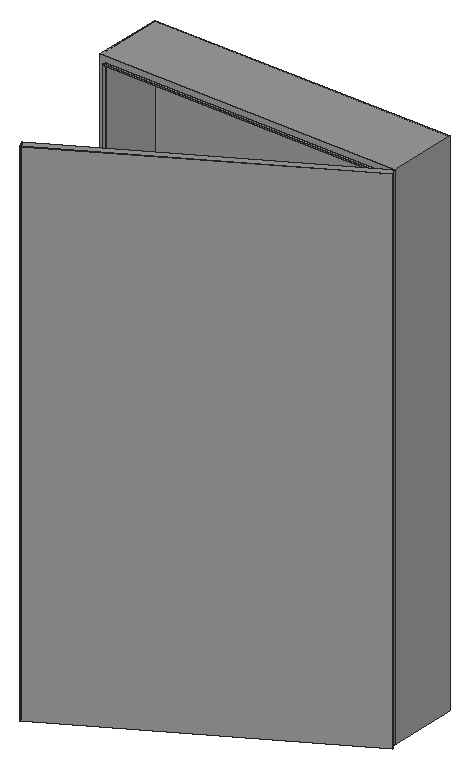
Revit family "Hager-Univers-IP44-D205-H1400-Cl.I-Encl-NoHosted-AT-de", category Equipement électrique, Revit 2020
Family settings
  Configuration du panneau = Deux colonnes, circuits au sein
  Cote de connecteur circulaire = Utiliser le diamètre
  Type d'élément = Tableau de raccordement
  Basée sur le plan de construction = Oui
  Toujours verticalement = Oui
  Couper avec des vides une fois chargée = Non
  Partagée = Non
  Point de calcul de pièce = Non
Parameters (values of type "Aufputz IP44 B800 H1400 T205  - FP93TN2")
  Width Control [instance] = if([EF000008 - Breite] > Min Width, [EF000008 - Breite], Min Width)  # 800 mm
  Commentaires du type = [HG000003 - Bereich]  # "Univers"
  Thickness Door [instance] = if([EF009171 - Materialstärke Tür/Deckel] > 3 mm, 3 mm, [EF009171 - Materialstärke Tür/Deckel])  # 1 mm
  Seal Frame Offset [instance] = 17 mm  # constant formula
  Plinth Visibility [instance] = [HG000027 - Sockelhöhe] > 0 mm  # no
  Min Width [instance] = 100 mm  # constant formula
  Min Depth [instance] = (2 * [EF009170 - Materialstärke Gehäuse]) + 1 mm  # 3 mm
  Min Height [instance] = 100 mm  # constant formula
  Internal Frame Depth [instance] = (Door System Depth * 0.5)  # 9 mm
  Panel Name [instance] = ""  # (empty or 0)
  Model = ""
  HG000027 - Sockelhöhe = 0 mm
  HG000026 - Stehend auf dem Boden = no
  HG000024 - Höhe des unteren Teils = 600 mm
  HG000023 - Gehäuse mit doppeltem Querschnitt = no
  HG000016 - 3D-Türsichtbarkeit [instance] = yes
  HG000015 - Sichtbarkeit der Türöffnung [instance] = no
  HG000014 - Tür rechts [instance] = yes
  HG000013 - Tür links [instance] = not([HG000014 - Tür rechts])  # no
  HG000012 - Türschwenkwinkel [instance] = 30.00°
  HG000010 - Asymmetrische Türen = no
  HG000009 - Doppelflügeligen Tür = no
  HG000006 - Unterputz = no
  HG000004 - Herstellerreferenz = "FP93TN2"
  HG000003 - Bereich = "Univers"
  HG000002 - Mit tür = yes
  Frame Offset Bottom [instance] = 10 mm  # constant formula
  Frame Offset [instance] = 15 mm  # constant formula
  EF015940 - Deckel mit Überdruckentlastung = no
  EF011959 - Schutzart (NEMA) = ""
  EF009554 - Anzahl der Öffnungen für Flanschplatten = 6
  EF009212 - Ausführung Deckel = "EV000116 - geschlossen"
  EF009171 - Materialstärke Tür/Deckel = 1 mm
  EF009170 - Materialstärke Gehäuse = 1 mm
  EF008873 - Nennstrom (In) = 250 A
  EF007800 - Geeignet für Blitzschutz = no
  EF006306 - Mit Schloss = no
  EF006244 - Transparenter Deckel/Tür = no
  EF005474 - Schutzart (IP) = "EV006418 - IP44"
  EF004464 - Art der Tür = "EV002646 - Einzel"
  EF004427 - Anzahl der Module = 324
  EF004293 - Schlagfestigkeit = "EV006815 - IK09"
  EF003532 - Geeignet für Außengebrauch = no
  EF002950 - Breite in Teilungseinheiten = 36
  EF001613 - Funktionserhalt = "EV000494 - ohne"
  EF001596 - Werkstoff des Gehäuses = "EV000179 - Stahl"
  EF001131 - Innentiefe = 130 mm
  EF001088 - Anbaumöglichkeit = yes
  EF000437 - Anzahl der Leitungseinführungen = 6
  EF000339 - Art der Abdeckung = "EV001012 - Deckel"
  EF000266 - Anzahl der Reihen = 9
  EF000218 - Einbautiefe = 205 mm
  EF000118 - Mit Montageplatte = no
  EF000116 - RAL-Nummer = "9010"
  EF000049 - Tiefe = 205 mm
  EF000040 - Höhe = 1400 mm
  EF000008 - Breite = 800 mm
  EF000007 - Farbe = "EV000202 - weiß"
  EF000003 - Montageart = "EV000384 - Aufputz"
  Door System Leaf Tolerance [instance] = 1.5 mm  # constant formula
  Door System Depth [instance] = 18 mm  # constant formula
  Door Height [instance] = Height Control - [HG000027 - Sockelhöhe]  # 1400 mm
  Description = ""
  Default Elevation = 1219.2 mm
  Connector Offset [instance] = Height Control / 2  # 700 mm
  Fabricant = "Hager"  # constant formula
  Height Control [instance] = if([EF000040 - Höhe] > Min Height, [EF000040 - Höhe], Min Height)  # 1400 mm
  Depth Control [instance] = if([EF000049 - Tiefe] > Min Depth, [EF000049 - Tiefe], Min Depth)  # 205 mm
  Bottom Top Plate Trim [instance] = 1.5 mm  # constant formula
  Plinth height Ctrl [instance] = if([HG000027 - Sockelhöhe] > 0 mm, [HG000027 - Sockelhöhe], 12 mm)  # 12 mm
Types (4, lengths in mm): name | Width Control | HG000010 - Asymmetrische Türen | HG000009 - Doppelflügeligen Tür | HG000004 - Herstellerreferenz | EF009554 - Anzahl der Öffnungen für Flanschplatten | EF004464 - Art der Tür | EF004427 - Anzahl der Module | EF002950 - Breite in Teilungseinheiten | EF000437 - Anzahl der Leitungseinführungen | EF000008 - Breite
  Aufputz IP44 B1050 H1400 T205  - FP94TN2 | 1050 | no | yes | "FP94TN2" | 8 | "EV003602 - Doppel" | 432 | 48 | 8 | 1050
  Aufputz IP44 B1300 H1400 T205  - FP95TN2 | 1300 | yes | yes | "FP95TN2" | 10 | "EV003602 - Doppel" | 540 | 60 | 10 | 1300
  Aufputz IP44 B550 H1400 T205  - FP92TN2 | 550 | no | no | "FP92TN2" | 4 | "EV002646 - Einzel" | 216 | 24 | 4 | 550
  Aufputz IP44 B800 H1400 T205  - FP93TN2 | 800 | no | no | "FP93TN2" | 6 | "EV002646 - Einzel" | 324 | 36 | 6 | 800
Reference planes
  plane 1 "Center (Front/Back)": y = 0
  plane 2: z = 0
  plane 3 "Center (Left/Right)": x = 0
  plane 4: y = 0
  plane 5: y = 0
  plane 6: z = 0
  plane 7: x = -400
  plane 8: x = 400
  plane 9: x = 399
  plane 10: x = -399
  plane 11: z = 0
  plane 12: z = 1
  plane 13: y = -205
  plane 14: y = -1
  plane 15: x = 0
  plane 16: y = -187
  plane 17: y = -204
  plane 18: y = -186
  plane 19: x = -384
  plane 20: x = 384
  plane 21: z = 11
  plane 22: x = -383
  plane 23: x = 383
  plane 24: z = 0
  plane 25: z = 1400
  plane 26: z = 1400
  plane 27: z = 1384
  plane 28: z = 1399
Forms (mm)
  Extrusion 1, solid, material "Hager_Steel_RAL7035_Light_Grey", detail levels medium+fine
    sketch origin (-208.679, -4572, 0) x (-1, 0, 0) y (0, -1, 0)
      loop
        line (191.321, -4385) -> (-608.679, -4385) -> (-608.679, -4572) -> (191.321, -4572) -> (191.321, -4385)
    from 0 to 1400
  Extrusion 2, void
    sketch origin (-350.771, -205, 1219.2) x (1, 0, 0) y (0, 0, 1)
      loop
        line (-48.229, 179.8) -> (-48.229, -1218.2) -> (749.771, -1218.2) -> (749.771, 179.8) -> (-48.229, 179.8)
    from -19 to -204
  Extrusion 3, void
    sketch origin (-290.084, -187, 1219.2) x (1, 0, 0) y (0, 0, 1)
      loop
        line (-93.916, -1208.2) -> (674.084, -1208.2) -> (674.084, 164.8) -> (-93.916, 164.8) -> (-93.916, -1208.2)
    from 0 to -1
  Extrusion 4, solid, material "Hager_Steel_RAL7035_Light_Grey", visible <- "Plinth Visibility", detail levels medium+fine
    sketch origin (0, 0, 0) x (1, 0, 0) y (0, 1, 0)
      loop
        line (-400, 0) -> (-400, -187) -> (400, -187) -> (400, 0) -> (-400, 0)
    from 0 to 12 <- "Plinth height Ctrl"
  Extrusion 5, solid, material "Hager_Steel_RAL7035_Light_Grey", detail levels coarse
    sketch origin (0, 0, 0) x (1, 0, 0) y (0, 1, 0)
      loop
        line (-400, 0) -> (-400, -205) -> (400, -205) -> (400, 0) -> (-400, 0)
    from 0 to 1400 <- "Height Control"
  Sweep 6, void
    path in 3D
      loop
        line (-400, -187, 12) -> (400, -187, 12) -> (400, 0, 12) -> (-400, 0, 12) -> (-400, -187, 12)
    profile origin (-400, -93.5, 12) x (1, 0, 0) y (0, 0, 1)
      loop
        line (0, 0) -> (0, -1.5) -> (1.5, -1.5)
        arc (1.5, -1.5) -> (1.061, -0.439) -> (0, 0) r 1.5
  Extrusion 7, solid, material "Hager_Steel_RAL7035_Light_Grey", detail levels fine
    sketch origin (-400, -187, 0) x (1, 0, 0) y (0, 0, 1)
      loop
        line (16, 11) -> (784, 11) -> (784, 1384) -> (16, 1384) -> (16, 11)
      loop
        line (15, 10) -> (785, 10) -> (785, 1385) -> (15, 1385) -> (15, 10)
    from 0 to 9 <- "Internal Frame Depth"
Cuts and joins
  Extrusion 2, Extrusion 3 cuts Extrusion 1
  Sweep 6 cuts Extrusion 4
Lines and regions (mm)
  Masking region 1
    outline origin (0, 0, 0) x (1, 0, 0) y (0, 1, 0)
      loop
        line (-400, 0) -> (-400, -205) -> (400, -205) -> (400, 0) -> (-400, 0)
  Masking region 2, detail levels coarse
    outline origin (-290.084, -187, 1219.2) x (-1, 0, 0) y (0, 0, 1)
      loop
        line (-690.084, -1219.2) -> (109.916, -1219.2) -> (109.916, 180.8) -> (-690.084, 180.8) -> (-690.084, -1219.2)
  Masking region 3, detail levels coarse
    outline origin (0, 0, 0) x (0, 1, 0) y (0, 0, 1)
      loop
        line (0, 0) -> (0, 1400) -> (-205, 1400) -> (-205, 0) -> (0, 0)
  Masking region 4, visible <- "Plinth Visibility", detail levels medium+fine
    outline origin (0, 0, 0) x (0, 1, 0) y (0, 0, 1)
      loop
        line (-1.5, 12) -> (-185.5, 12)
        arc (-185.5, 12) -> (-185.939, 10.939) -> (-187, 10.5) r 1.5
        line (-187, 10.5) -> (-187, 0) -> (0, 0) -> (0, 10.5)
        arc (0, 10.5) -> (-1.061, 10.939) -> (-1.5, 12) r 1.5
  Masking region 5, detail levels medium+fine
    outline origin (0, 0, 594.038) x (0, 1, 0) y (0, 0, 1)
      loop
        line (0, -594.038) -> (0, 805.962) -> (-187, 805.962) -> (-187, -594.038) -> (0, -594.038)
  Masking region 6, detail levels medium+fine
    outline origin (-359.7, -187, 1211.883) x (-1, 0, 0) y (0, 0, 1)
      loop
        line (-759.7, -1211.883) -> (40.3, -1211.883) -> (40.3, 188.117) -> (-759.7, 188.117) -> (-759.7, -1211.883)
  Masking region 7, visible <- "Plinth Visibility", detail levels medium+fine
    outline origin (-320.334, -187, 1041.368) x (-1, 0, 0) y (0, 0, 1)
      loop
        line (-720.334, -1041.368) -> (79.666, -1041.368) -> (79.666, -1030.868)
        arc (79.666, -1030.868) -> (78.606, -1030.429) -> (78.166, -1029.368) r 1.5
        line (78.166, -1029.368) -> (-718.834, -1029.368)
        arc (-718.834, -1029.368) -> (-719.273, -1030.429) -> (-720.334, -1030.868) r 1.5
        line (-720.334, -1030.868) -> (-720.334, -1041.368)
  sketch lines
    curve 1: line (-400, 0, 12) -> (-400, -187, 12)
    curve 2: line (-400, -187, 12) -> (400, -187, 12)
    curve 3: line (400, 0, 12) -> (-400, 0, 12)
    curve 4: line (400, -187, 12) -> (400, 0, 12)
Dimensions and locks
  locked: plane 1 "Center (Front/Back)" to plane 5
  "EF009170 - Materialstärke Gehäuse": plane 7 to plane 10
  "EF009170 - Materialstärke Gehäuse": plane 8 to plane 9
  equal spacing: plane 7, plane 3 "Center (Left/Right)", plane 8
  "Width Control": plane 7 to plane 8
  "Depth Control": plane 4 to plane 13
  "EF009170 - Materialstärke Gehäuse": plane 4 to plane 14
  "Height Control": plane 25 to level
  "HG000027 - Sockelhöhe": plane 11 to level
  "EF009170 - Materialstärke Gehäuse": plane 12 to plane 11
  "EF009170 - Materialstärke Gehäuse": plane 17 to plane 13
  "EF009170 - Materialstärke Gehäuse": plane 18 to plane 16
  "Frame Offset Bottom": plane 21 to plane 12
  "Frame Offset": plane 10 to plane 19
  "Frame Offset": plane 9 to plane 20
  "Door System Depth": plane 16 to plane 13
  "Seal Frame Offset": plane 7 to plane 22
  "Seal Frame Offset": plane 8 to plane 23
  "EF009170 - Materialstärke Gehäuse": plane 26 to plane 28
  "Frame Offset": plane 28 to plane 27
  "Connector Offset": plane 2 to connector elem
  "Bottom Top Plate Trim": profile plane to Sweep 6 sketch curve
  "Bottom Top Plate Trim": Sweep 6 sketch curve to Sweep 6 sketch curve
  "Plinth height Ctrl": Masking region 4 sketch curve to level
  "Plinth height Ctrl": Masking region 7 sketch curve to level
  "Thickness Door": Extrusion 7 sketch curve to Extrusion 7 sketch curve  (x4)
  "Bottom Top Plate Trim": radius of Sweep 6 sketch curve
  "Bottom Top Plate Trim": radius of Masking region 4 sketch curve  (x2)
  "Bottom Top Plate Trim": radius of Masking region 7 sketch curve  (x2)
  aligned and locked: Extrusion 2 sketch curve to plane 12
  aligned and locked: Extrusion 2 sketch curve to plane 9
  aligned and locked: Extrusion 2 sketch curve to plane 10
  aligned and locked: Extrusion 2 to plane 14
  aligned and locked: Extrusion 1 sketch curve to plane 4
  aligned and locked: plane 8 to Extrusion 1 sketch curve
  aligned and locked: plane 7 to Extrusion 1 sketch curve
  aligned and locked: Extrusion 2 to plane 18
  aligned and locked: Extrusion 3 sketch curve to plane 19
  aligned and locked: plane 20 to Extrusion 3 sketch curve
  aligned and locked: Extrusion 3 to Extrusion 2
  aligned and locked: Extrusion 3 sketch curve to plane 21
  aligned and locked: plane 3 "Center (Left/Right)" to nested 1
  aligned and locked: Extrusion 1 sketch curve to plane 16
  aligned and locked: Extrusion 4 sketch curve to cut or joined group of Extrusion 1, Extrusion 2, Extrusion 3
  aligned and locked: Masking region 1 sketch curve to plane 7
  aligned and locked: Masking region 1 sketch curve to plane 5
  aligned and locked: Masking region 1 sketch curve to plane 8
  aligned and locked: Masking region 2 sketch curve to level
  aligned and locked: level to Masking region 3 sketch curve
  aligned and locked: plane 1 "Center (Front/Back)" to Masking region 3 sketch curve
  aligned and locked: plane 13 to Masking region 3 sketch curve
  aligned and locked: plane 5 to Masking region 4 sketch curve
  aligned and locked: Masking region 2 sketch curve to plane 8
  aligned and locked: Masking region 2 sketch curve to plane 7
  aligned and locked: plane 7 to nested 2
  aligned and locked: nested 2 to plane 5
  aligned and locked: plane 5 to Masking region 5 sketch curve
  aligned and locked: plane 26 to Masking region 5 sketch curve
  aligned and locked: Extrusion 5 sketch curve to plane 8
  aligned and locked: Extrusion 5 sketch curve to plane 7
  aligned and locked: Extrusion 5 sketch curve to plane 5
  aligned and locked: Extrusion 3 sketch curve to plane 27
  aligned and locked: Extrusion 2 sketch curve to plane 28
  aligned and locked: Masking region 2 to plane 25
  aligned and locked: Extrusion 4 to plane 16
  aligned and locked: profile plane to Sweep 6 sketch curve
  aligned and locked: Masking region 5 sketch curve to plane 24
  aligned and locked: level to Masking region 4 sketch curve
  aligned and locked: Masking region 1 to plane 13
  aligned and locked: nested 1 to plane 16
  aligned and locked: Masking region 3 to plane 25
  aligned and locked: plane 16 to Masking region 4 sketch curve
  aligned and locked: Masking region 5 sketch curve to plane 16
  aligned and locked: plane 24 to plane 11
  aligned and locked: plane 26 to plane 25
  aligned and locked: plane 26 to cut or joined group of Extrusion 1, Extrusion 2, Extrusion 3
  aligned and locked: nested 1 to plane 24
  aligned and locked: Extrusion 1 to Extrusion 3
  aligned and locked: Masking region 6 sketch curve to plane 8
  aligned and locked: Masking region 6 sketch curve to plane 24
  aligned and locked: Masking region 6 sketch curve to plane 7
  aligned and locked: Masking region 6 sketch curve to plane 26
  aligned and locked: Masking region 7 sketch curve to plane 7
  aligned and locked: level to Masking region 7 sketch curve
  aligned and locked: Masking region 7 sketch curve to plane 8
  aligned and locked: Extrusion 7 sketch curve to cut or joined group of Extrusion 1, Extrusion 2, Extrusion 3  (x4)
Automatic sketch dimensions
  plane 19 to Extrusion 3 sketch curve = 0 mm
  Extrusion 3 sketch curve to plane 20 = 0 mm
  Extrusion 3 sketch curve to plane 21 = 0 mm
  Extrusion 4 sketch curve to plane 7 = 0 mm
  Extrusion 4 sketch curve to plane 8 = 0 mm
  Extrusion 4 sketch curve to plane 16 = 0 mm
  Masking region 1 sketch curve to plane 13 = 0 mm
  Masking region 2 sketch curve to plane 25 = 0 mm
  Masking region 3 sketch curve to plane 25 = 0 mm
  Extrusion 5 sketch curve to plane 13 = 0 mm
  profile plane to Sweep 6 sketch curve = 0 mm
Nested families
  nested 1: "EC000058_Univers_Door" at (0, -187, 0), Double <- "HG000009 - Doppelflügeligen Tür", Transparent <- "EF006244 - Transparenter Deckel/Tür", Angle <- "HG000012 - Türschwenkwinkel", Door_Right <- "HG000014 - Tür rechts", Assymetrical <- "HG000010 - Asymmetrische Türen", Door <- "HG000002 - Mit tür", Width_Ctrl <- "Width Control", 3d_Door <- "HG000016 - 3D-Türsichtbarkeit", Clearance <- "HG000015 - Sichtbarkeit der Türöffnung", Door_Left <- "HG000013 - Tür links", Width <- "Width Control", Door_Depth <- "Door System Depth", Leaf_Tolerance <- "Door System Leaf Tolerance", Height <- "Door Height", Lock_Visibility <- "EF006306 - Mit Schloss", Thickness <- "Thickness Door", type "EC000058_Univers_Door", detail levels medium+fine
    with min_wh 3 mm, Width_Ctrl 800 mm, Width 800 mm, Transparent no, Thickness 1 mm, Seal_Material Hager_Rubber, Lock_Visibility no, Lock_Material Hager_Plastic_RAL9005_Jet_Black, Leaf_Width 800 mm, Leaf_Tolerance_External_Sides 0 mm, Leaf_Tolerance 1.5 mm, Leaf_Offset 0 mm, Leaf_Height 1397 mm, Leaf_2_Width 800 mm, Leaf_2_Offset 400 mm, Leaf_1_Width 800 mm, Leaf_1_Offset 400 mm, Height_Ctrl 1400 mm, Height 1400 mm, Glass_Material Hager_Glass, Double_Clearance_Ctrl no, Double no, Door_Right_Ctrl yes, Door_Right yes, Door_Material Hager_Steel_RAL7035_Light_Grey, Door_Left_Ctrl no, Door_Left no, Door_Depth 18 mm, Door yes, Clearance_Material Hager_Clearance, Clearance_Depth 800 mm, Clearance_Ctrl no, Clearance no, Assymetrical no, Angle 30.00°, 3d_Door yes
  nested 2: "Hager_Enclosure_Symbol" at (-400, 0, 0), Height <- "Depth Control", Width <- "Width Control", type "Hager_Enclosure_Symbol"
    with Width_Ctrl 800 mm, Width 800 mm, Height_Ctrl 205 mm, Height 205 mm, A_Width_Int 13.453 mm, A_Width 161.438 mm, A_Height_Ctrl 179.375 mm, A_Height 179.375 mm
Connectors
  electrical at (0, 0, 700)
    settings: on plane 1 "Center (Front/Back)", index 1, voltage 0 V, apparent load 0 VA, apparent load phase1 0 VA, apparent load phase2 0 VA, apparent load phase3 0 VA, power factor 1, load classification "Other", number of poles 1, system type 30, power factor state 1, is connector primary yes, connector utility no, sub classification motor no, connector description ""
Definition of nested family "EC000058_Univers_Door"
  Parameters (values of type "EC000058_Univers_Door")
    min_wh [instance] = (2 * Thickness) + 1 mm  # 11 mm
    Width_Ctrl [instance] = 400 mm
    Width [instance] = 500 mm
    Transparent [instance] = yes
    Thickness [instance] = 5 mm
    Seal_Material [instance] = none
    Lock_Visibility [instance] = yes
    Lock_Material [instance] = none
    Leaf_Width [instance] = if((Width_Ctrl - 2 * Leaf_Tolerance_External_Sides) > 0 mm, (Width_Ctrl - 2 * Leaf_Tolerance_External_Sides), min_wh)  # 400 mm
    Leaf_Tolerance_External_Sides [instance] = 0 mm  # constant formula
    Leaf_Tolerance [instance] = 1.5 mm
    Leaf_Offset [instance] = 0 mm  # constant formula
    Leaf_Height [instance] = if((Height_Ctrl - 2 * Leaf_Tolerance) > 0 mm, (Height_Ctrl - 2 * Leaf_Tolerance), min_wh)  # 497 mm
    Leaf_2_Width [instance] = if(and(and(Double, Assymetrical), Door_Left), (Leaf_Width / 3) - (Leaf_Tolerance / 2), if(and(and(Double, Assymetrical), Door_Right), (Leaf_Width / 3) * 2 - (Leaf_Tolerance / 2), if(and(Double, not(Assymetrical)), (Leaf_Width / 2) - Leaf_Tolerance, Leaf_Width)))  # 400 mm
    Leaf_2_Offset [instance] = if(and(Double, Assymetrical), Leaf_2_Width / 2, if(and(Double, not(Assymetrical)), Leaf_Width / 4, Leaf_Width / 2))  # 200 mm
    Leaf_1_Width [instance] = if(and(and(Double, Assymetrical), Door_Right), (Leaf_Width / 3) - (Leaf_Tolerance / 2), if(and(and(Double, Assymetrical), Door_Left), (Width / 3) * 2 - (Leaf_Tolerance / 2), if(and(Double, not(Assymetrical)), (Leaf_Width / 2) - Leaf_Tolerance, Leaf_Width)))  # 400 mm
    Leaf_1_Offset [instance] = if(and(Double, Assymetrical), Leaf_1_Width / 2, if(and(Double, not(Assymetrical)), Leaf_Width / 4, Leaf_Width / 2))  # 200 mm
    Height_Ctrl [instance] = if(Height > min_wh, Height, min_wh)  # 500 mm
    Height [instance] = 500 mm
    Glass_Material [instance] = none
    Double_Clearance_Ctrl [instance] = and(Double, Clearance)  # no
    Double [instance] = no
    Door_Right_Ctrl [instance] = and(or(Door_Right, Double), Door)  # yes
    Door_Right [instance] = yes
    Door_Material [instance] = none
    Door_Left_Ctrl [instance] = and(or(Door_Left, Double), Door)  # no
    Door_Left [instance] = no
    Door_Depth [instance] = 30 mm
    Door [instance] = yes
    Default Elevation = 1219.2 mm
    Clearance_Material [instance] = none
    Clearance_Depth [instance] = if(Leaf_1_Width > Leaf_2_Width, Leaf_1_Width, Leaf_2_Width)  # 400 mm
    Clearance_Ctrl [instance] = and(not(Double), Clearance)  # yes
    Clearance [instance] = yes
    Assymetrical [instance] = yes
    Angle [instance] = 30.00°
    3d_Door [instance] = yes
  Reference planes
    plane 1 "Center (Front/Back)": y = 0
    plane 2 "Bottom": z = 0
    plane 3 "Center (Left/Right)": x = 0
    plane 4: z = 500
    plane 5: x = -200
    plane 6: x = 200
    plane 7: z = 500
    plane 8: x = -200
    plane 9: z = 0
    plane 10: x = 200
    plane 11: y = 0
    plane 12: z = 1.5
    plane 13: x = -600
    plane 14: y = -400
    plane 15: x = 600
    plane 16: x = 0
    plane 17: x = 0
    plane 18: x = -200
    plane 19: x = 200
    plane 20: z = 498.5
  Forms (mm)
    Extrusion 1, solid, material <- "Clearance_Material", visible <- "Double_Clearance_Ctrl"
      sketch origin (1200, 0, 0) x (1, 0, 0) y (0, 0, -1)
        loop
          line (-1800, -498.5) -> (-600, -498.5) -> (-600, 0) -> (-1800, 0) -> (-1800, -498.5)
      from 0 to -400
  Dimensions and locks
    equal spacing: plane 5, plane 3 "Center (Left/Right)", plane 6
    "Width_Ctrl": plane 5 to plane 6
    "Leaf_Offset": plane 5 to plane 8
    "Leaf_Offset": plane 6 to plane 10
    "Leaf_Offset": plane 9 to level
    "Leaf_Offset": plane 4 to plane 7
    "Height_Ctrl": plane 4 to level
    "Leaf_Tolerance": plane 12 to plane 9
    locked: plane 11 to plane 1 "Center (Front/Back)"
    "Leaf_1_Offset": plane 18 to plane 16
    "Leaf_2_Offset": plane 17 to plane 19
    "Leaf_1_Width": plane 13 to plane 8
    "Leaf_2_Width": plane 10 to plane 15
    "Clearance_Depth": plane 14 to plane 1 "Center (Front/Back)"
    "Leaf_Tolerance_External_Sides": plane 8 to plane 18
    "Leaf_Tolerance_External_Sides": plane 19 to plane 10
    "Leaf_Tolerance": plane 7 to plane 20
    aligned and locked: level to plane 2 "Bottom"
    aligned and locked: nested 1 to plane 16
    aligned and locked: nested 2 to plane 17
    aligned and locked: Extrusion 1 to plane 13
    aligned and locked: plane 15 to Extrusion 1
    aligned and locked: Extrusion 1 to plane 14
    aligned and locked: plane 12 to nested 1
    aligned and locked: nested 2 to plane 12
    aligned and locked: Extrusion 1 to plane 11
    aligned and locked: plane 20 to Extrusion 1
    aligned and locked: nested 2 to plane 11
    aligned and locked: nested 1 to plane 11
  Automatic sketch dimensions
    Extrusion 1 sketch curve to level = 0 mm
    plane 5 to Extrusion 1 sketch curve = 400 mm
    plane 6 to Extrusion 1 sketch curve = 400 mm
    Extrusion 1 sketch curve to plane 4 = 1.5 mm
  Nested families
    nested 1: "EC000058_Univers_Door_Leaf" at (0, 0, 1.5), Width <- "Leaf_1_Width", visible <- "Door_Left_Ctrl", Leaf_Height <- "Leaf_Height", Angle <- "Angle", 3d_Door <- "3d_Door", Transparent <- "Transparent", Clearance Material <- "Clearance_Material", Clearance <- "Clearance_Ctrl", Door_Material <- "Door_Material", Glass_Material <- "Glass_Material", Door_Depth <- "Door_Depth", Lock_Material <- "Lock_Material", Seal_Material <- "Seal_Material", Lock_Visibility <- "Lock_Visibility", Thickness <- "Thickness", type "EC000058_Univers_Door_Leaf"
      with Width 400 mm, Transparent_Glass_Offset 30 mm, Transparent_Ctrl yes, Transparent yes, Thickness 5 mm, Standard no, Seal_Material none, Seal_D2 8 mm, Seal_D1 1 mm, Offset_Internal_Frame 10 mm, Lock_Width 20 mm, Lock_Visibility_3d yes, Lock_Visibility yes, Lock_Thickness_3 3 mm, Lock_Thickness_2 1 mm, Lock_Thickness_1 3 mm, Lock_Radius_Offset_2 16 mm, Lock_Radius_Offset_1 15 mm, Lock_Radius_2 5 mm, Lock_Radius 6 mm, Lock_Offset 5 mm, Lock_Material none, Lock_Height 80 mm, Lock_Cover_Top_Offset_2d 17 mm, Lock_Cover_Height -65 mm, Leaf_Height 497 mm, Internal_Seal_Thickness 8 mm, Internal_Seal_Depth_2 4.5 mm, Internal_Frame_Depth 25 mm, Glass_Thickness -1 mm, Glass_Offset -2 mm, Glass_Material none, Door_Material none, Door_Depth 30 mm, Clearance Material none, Clearance yes, Angle_Ctrl 30.00°, Angle 30.00°, 3d_Door yes
    nested 2: "EC000058_Univers_Door_Leaf" at (0, 0, 1.5) x (-1, 0, 0) z (0, 0, 1), Width <- "Leaf_2_Width", visible <- "Door_Right_Ctrl", Leaf_Height <- "Leaf_Height", Angle <- "Angle", 3d_Door <- "3d_Door", Transparent <- "Transparent", Clearance Material <- "Clearance_Material", Clearance <- "Clearance_Ctrl", Door_Material <- "Door_Material", Glass_Material <- "Glass_Material", Door_Depth <- "Door_Depth", Lock_Material <- "Lock_Material", Seal_Material <- "Seal_Material", Lock_Visibility <- "Lock_Visibility", Thickness <- "Thickness", type "EC000058_Univers_Door_Leaf"
      with Width 400 mm, Transparent_Glass_Offset 30 mm, Transparent_Ctrl yes, Transparent yes, Thickness 5 mm, Standard no, Seal_Material none, Seal_D2 8 mm, Seal_D1 1 mm, Offset_Internal_Frame 10 mm, Lock_Width 20 mm, Lock_Visibility_3d yes, Lock_Visibility yes, Lock_Thickness_3 3 mm, Lock_Thickness_2 1 mm, Lock_Thickness_1 3 mm, Lock_Radius_Offset_2 16 mm, Lock_Radius_Offset_1 15 mm, Lock_Radius_2 5 mm, Lock_Radius 6 mm, Lock_Offset 5 mm, Lock_Material none, Lock_Height 80 mm, Lock_Cover_Top_Offset_2d 17 mm, Lock_Cover_Height -65 mm, Leaf_Height 497 mm, Internal_Seal_Thickness 8 mm, Internal_Seal_Depth_2 4.5 mm, Internal_Frame_Depth 25 mm, Glass_Thickness -1 mm, Glass_Offset -2 mm, Glass_Material none, Door_Material none, Door_Depth 30 mm, Clearance Material none, Clearance yes, Angle_Ctrl 30.00°, Angle 30.00°, 3d_Door yes
  Definition of nested family "EC000058_Univers_Door_Leaf"
    Parameters (values of type "EC000058_Univers_Door_Leaf")
      Width [instance] = 2000 mm
      Transparent_Glass_Offset [instance] = 30 mm
      Transparent_Ctrl [instance] = and(Transparent, [3d_Door])  # yes
      Transparent [instance] = yes
      Thickness [instance] = 5 mm
      Standard [instance] = and(not(Transparent), [3d_Door])  # no
      Seal_Material [instance] = none
      Seal_D2 [instance] = 8 mm  # constant formula
      Seal_D1 [instance] = 1 mm  # constant formula
      Offset_Internal_Frame [instance] = 10 mm  # constant formula
      Lock_Width [instance] = 20 mm  # constant formula
      Lock_Visibility_3d [instance] = and(Lock_Visibility, [3d_Door])  # yes
      Lock_Visibility [instance] = yes
      Lock_Thickness_3 [instance] = 3 mm  # constant formula
      Lock_Thickness_2 [instance] = 1 mm  # constant formula
      Lock_Thickness_1 [instance] = 3 mm  # constant formula
      Lock_Radius_Offset_2 [instance] = Lock_Radius_Offset_1 + 1 mm  # 16 mm
      Lock_Radius_Offset_1 [instance] = 15 mm  # constant formula
      Lock_Radius_2 [instance] = Lock_Radius - 1 mm  # 5 mm
      Lock_Radius [instance] = 6 mm  # constant formula
      Lock_Offset [instance] = 5 mm  # constant formula
      Lock_Material [instance] = none
      Lock_Height [instance] = 80 mm  # constant formula
      Lock_Cover_Top_Offset_2d [instance] = Lock_Radius_Offset_2 + 1 mm  # 17 mm
      Lock_Cover_Height [instance] = -(Lock_Height - Lock_Radius_Offset_1)  # -65 mm
      Leaf_Height [instance] = 2720.336 mm
      Internal_Seal_Thickness [instance] = 8 mm  # constant formula
      Internal_Seal_Depth_2 [instance] = 4.5 mm  # constant formula
      Internal_Frame_Depth [instance] = if(Door_Depth - Thickness > 5 mm, Door_Depth - Thickness, 5 mm)  # 25 mm
      Glass_Thickness [instance] = if(Thickness > 15 mm, Glass_Offset + 10 mm, -1 mm)  # -1 mm
      Glass_Offset [instance] = if(Thickness > 15 mm, -(Thickness + 10 mm) / 2, -2 mm)  # -2 mm
      Glass_Material [instance] = none
      Door_Material [instance] = none
      Door_Depth [instance] = 30 mm
      Default Elevation = 0 mm
      Clearance Material [instance] = none
      Clearance [instance] = yes
      Angle_Ctrl [instance] = if(Angle > 180.00°, 180.00°, Angle)  # 90.00°
      Angle [instance] = 90.00°
      3d_Door [instance] = yes
    Reference planes
      plane 1 "Center (Front/Back)": y = 0
      plane 2: z = 0
      plane 3 "Center (Left/Right)": x = 0
      plane 4: y = 2000
      plane 5: x = -1000
      plane 6: x = 1000
      plane 7: x = -3000
      plane 8: z = 2720.336
      plane 9: z = 30
      plane 10: z = 2690.336
      plane 11: x = 970
      plane 12: x = -970
      plane 13: y = -3
      plane 14: z = 107.833
      plane 15: y = -5
      plane 16: y = -223.314
      plane 17: x = -1000
      plane 18: z = 1360.168
      plane 19: y = 30
    Forms (mm)
      Extrusion 1, solid, material <- "Clearance Material", visible <- "Clearance"
        sketch origin (0, 0, 0) x (1, 0, 0) y (0, 0, 1)
          loop
            line (-3000, 2720.336) -> (-3000, 0) -> (1000, 0) -> (1000, 2720.336) -> (-3000, 2720.336)
        from 0 to -2000
      Extrusion 2, solid, material <- "Door_Material", visible <- "Standard", detail levels medium+fine
        sketch origin (-1000, 0, 0) x (0, 1, 0) y (-1, 0, 0)
          loop
            line (0, 30) -> (0, 25) -> (2000, 25) -> (2000, 30) -> (0, 30)
        from 0 to 2720.336 <- "Leaf_Height"
      Extrusion 3, solid, material <- "Door_Material", visible <- "Transparent_Ctrl", detail levels medium+fine
        sketch origin (-1000, 0, 0) x (0, 1, 0) y (-1, 0, 0)
          loop
            line (0, 25) -> (2000, 25) -> (2000, 30) -> (0, 30) -> (0, 25)
        from 0 to 2720.336 <- "Leaf_Height"
      Extrusion 4, void
        sketch origin (-1025, 2000, 0) x (0, 1, 0) y (0, 0, -1)
          loop
            line (-30, -2690.336) -> (-30, -30) -> (-1970, -30) -> (-1970, -2690.336) -> (-30, -2690.336)
        from 0 to 5 <- "Thickness"
      Sweep 5, solid, material <- "Seal_Material", visible <- "Transparent_Ctrl", detail levels fine
        path in 3D
          loop
            line (-1025, 30, 30) -> (-1025, 30, 2690.336) -> (-1025, 1970, 2690.336) -> (-1025, 1970, 30) -> (-1025, 30, 30)
        profile origin (-1025, 1000, 30) x (1, 0, 0) y (0, 0, 1)
          loop
            line (0, 0) -> (0, -8) -> (1, -8) -> (1, 0) -> (0, 0)
      Extrusion 6, solid, material <- "Glass_Material", visible <- "Transparent_Ctrl", detail levels medium+fine
        sketch origin (-1030, 0, 0) x (0, 1, 0) y (0, 0, -1)
          loop
            line (1970, -2690.336) -> (1970, -30) -> (30, -30) -> (30, -2690.336) -> (1970, -2690.336)
        from -2 <- "Glass_Offset" to -1 <- "Glass_Thickness"
      Extrusion 7, solid, material <- "Door_Material", visible <- "3d_Door", detail levels medium+fine
        sketch origin (-1025, 2000, 0) x (0, -1, 0) y (0, 0, -1)
          loop
            line (0, -2720.336) -> (2000, -2720.336) -> (2000, 0) -> (0, 0) -> (0, -2720.336)
          loop
            line (1995, -5) -> (5, -5) -> (5, -2715.336) -> (1995, -2715.336) -> (1995, -5)
        from 0 to 25 <- "Internal_Frame_Depth"
      Sweep 8, solid, material <- "Seal_Material", visible <- "Transparent_Ctrl", detail levels fine
        path in 3D
          loop
            line (-1025, 0, 0) -> (-1025, 2000, 0) -> (-1025, 2000, 2720.336) -> (-1025, 0, 2720.336) -> (-1025, 0, 0)
        profile origin (-1025, 0, 1360.168) x (1, 0, 0) y (0, 1, 0)
          loop
            line (0, 10) -> (2.975, 10)
            arc (2.975, 10) -> (4.053, 10.447) -> (4.5, 11.525) r 1.525
            line (4.5, 11.525) -> (4.5, 16.527)
            arc (4.5, 16.527) -> (4.069, 17.569) -> (3.027, 18) r 1.473
            line (3.027, 18) -> (0, 18) -> (0, 10)
      Extrusion 9, solid, material <- "Lock_Material", visible <- "Lock_Visibility_3d", detail levels fine
        sketch origin (-1030, 0, 0) x (0, 1, 0) y (0, 0, -1)
          loop
            arc (1993.5, -1400.168) -> (1994.561, -1399.729) -> (1995, -1398.668) r 1.5
            line (1995, -1398.668) -> (1995, -1320.168) -> (1975, -1320.168) -> (1975, -1398.668)
            arc (1975, -1398.668) -> (1975.439, -1399.729) -> (1976.5, -1400.168) r 1.5
            line (1976.5, -1400.168) -> (1993.5, -1400.168)
        from 3 <- "Lock_Thickness_1" to 0
      Blend 10, solid, material <- "Lock_Material", visible <- "Lock_Visibility_3d", detail levels fine
        base sketch origin (-1033, 0, 0) x (0, 1, 0) y (0, 0, -1)
          loop
            line (1975, -1320.168) -> (1975, -1398.668)
            arc (1975, -1398.668) -> (1975.439, -1399.729) -> (1976.5, -1400.168) r 1.5
            line (1976.5, -1400.168) -> (1993.5, -1400.168)
            arc (1993.5, -1400.168) -> (1994.561, -1399.729) -> (1995, -1398.668) r 1.5
            line (1995, -1398.668) -> (1995, -1320.168) -> (1975, -1320.168)
        top sketch origin (-1033, 0, 0) x (0, 1, 0) y (0, 0, -1)
          loop
            line (1976, -1320.168) -> (1976, -1398.668)
            arc (1976, -1398.668) -> (1976.146, -1399.022) -> (1976.5, -1399.168) r 0.5
            line (1976.5, -1399.168) -> (1993.5, -1399.168)
            arc (1993.5, -1399.168) -> (1993.854, -1399.022) -> (1994, -1398.668) r 0.5
            line (1994, -1398.668) -> (1994, -1320.168) -> (1976, -1320.168)
        from 0 to 1 <- "Lock_Thickness_2"
      Blend 11, solid, material <- "Lock_Material", visible <- "Lock_Visibility_3d", detail levels fine
        base sketch origin (-1034, 0, 0) x (0, 1, 0) y (0, 0, -1)
          loop
            line (1978, -1320.168) -> (1978, -1384.168)
            arc (1978, -1384.168) -> (1985, -1391.168) -> (1992, -1384.168) r 7
            line (1992, -1384.168) -> (1992, -1320.168) -> (1978, -1320.168)
        top sketch origin (-1034, 0, 0) x (0, 1, 0) y (0, 0, -1)
          loop
            line (1991, -1320.168) -> (1979, -1320.168) -> (1979, -1383.168)
            arc (1979, -1383.168) -> (1985, -1389.168) -> (1991, -1383.168) r 6
            line (1991, -1383.168) -> (1991, -1320.168)
        from 0 to 3 <- "Lock_Thickness_3"
      Extrusion 12, solid, material <- "Lock_Material", visible <- "Lock_Visibility_3d", detail levels fine
        sketch origin (-1030, 1975, 1320.168) x (1, 0, 0) y (0, -1, 0)
          loop
            line (-7, -19) -> (-7, -1) -> (0, -1) -> (0, 0) -> (-8, 0) -> (-8, -20) -> (0, -20) -> (0, -19) -> (-7, -19)
        from 0 to -65 <- "Lock_Cover_Height"
      Extrusion 13, void
        sketch origin (-1038, 1995, 1320.168) x (-1, 0, 0) y (0, 0, -1)
          loop
            line (-5, -65) -> (0, -65) -> (-5, -60) -> (-5, -65)
        from 0 to 20 <- "Lock_Width"
      Extrusion 14, void
        sketch origin (-1038, 1975, 1320.168) x (0, -1, 0) y (0, 0, -1)
          loop
            circle (-10, -15.995) r 6
          loop
            circle (-10, -15.995) r 5
        from 0 to 2
      Extrusion 15, solid, material <- "Lock_Material", visible <- "Lock_Visibility_3d", detail levels medium
        sketch origin (-1030, 0, 0) x (0, 1, 0) y (0, 0, -1)
          loop
            arc (1993.5, -1400.168) -> (1994.561, -1399.729) -> (1995, -1398.668) r 1.5
            line (1995, -1398.668) -> (1995, -1320.168) -> (1975, -1320.168) -> (1975, -1398.668)
            arc (1975, -1398.668) -> (1975.439, -1399.729) -> (1976.5, -1400.168) r 1.5
            line (1976.5, -1400.168) -> (1993.5, -1400.168)
        from 8 to 0
    Cuts and joins
      Extrusion 4 cuts Extrusion 3
      Extrusion 13, Extrusion 14 cuts Extrusion 9
      Extrusion 14 cuts Blend 11
      Extrusion 13, Extrusion 14 cuts Extrusion 12
      joined: Extrusion 9, Blend 10, Blend 11, Extrusion 12
      Extrusion 14 cuts Extrusion 15
    Lines and regions (mm)
      Masking region 1, visible <- "Lock_Visibility", detail levels fine
        outline origin (0, 0, 0) x (0, 1, 0) y (0, 0, 1)
          loop
            line (30, 1320.168) -> (33, 1320.168) -> (33, 1400.168) -> (30, 1400.168) -> (30, 1320.168)
      Masking region 2, visible <- "Lock_Visibility", detail levels fine
        outline origin (0, 3.143, 0) x (0, 1, 0) y (0, 0, 1)
          loop
            line (29.857, 1354.168) -> (30.857, 1354.168) -> (30.857, 1366.168) -> (29.857, 1366.168) -> (29.857, 1354.168)
      Masking region 3, detail levels medium+fine
        outline origin (0, 0, 0) x (0, 1, 0) y (0, 0, 1)
          loop
            line (0, 0) -> (30, 0) -> (30, 2720.336) -> (0, 2720.336) -> (0, 0)
      Masking region 4, detail levels medium+fine
        outline origin (0, 0, 0) x (1, 0, 0) y (0, 0, 1)
          loop
            line (-1000, 2720.336) -> (-1000, 0) -> (1000, 0) -> (1000, 2720.336) -> (-1000, 2720.336)
      Masking region 5, visible <- "Lock_Visibility", detail levels fine
        outline origin (-47.116, 0, 0) x (1, 0, 0) y (0, 0, 1)
          loop
            arc (1024.616, 1399.168) -> (1023.556, 1398.729) -> (1023.116, 1397.668) r 1.5
            line (1023.116, 1397.668) -> (1023.116, 1320.168) -> (1041.116, 1320.168) -> (1041.116, 1397.668)
            arc (1041.116, 1397.668) -> (1040.677, 1398.729) -> (1039.616, 1399.168) r 1.5
            line (1039.616, 1399.168) -> (1024.616, 1399.168)
      Masking region 6, visible <- "Lock_Visibility", detail levels medium+fine
        outline origin (-25, 0, 0) x (1, 0, 0) y (0, 0, 1)
          loop
            arc (1001.5, 1400.168) -> (1000.439, 1399.729) -> (1000, 1398.668) r 1.5
            line (1000, 1398.668) -> (1000, 1320.168) -> (1020, 1320.168) -> (1020, 1398.668)
            arc (1020, 1398.668) -> (1019.561, 1399.729) -> (1018.5, 1400.168) r 1.5
            line (1018.5, 1400.168) -> (1001.5, 1400.168)
      Masking region 7, visible <- "Lock_Visibility", detail levels fine
        outline origin (-73.735, 0, 0) x (1, 0, 0) y (0, 0, 1)
          loop
            line (1051.735, 1382.168) -> (1065.735, 1382.168) -> (1065.735, 1384.168)
            arc (1065.735, 1384.168) -> (1058.735, 1391.168) -> (1051.735, 1384.168) r 7
            line (1051.735, 1384.168) -> (1051.735, 1382.168)
      Masking region 8, visible <- "Lock_Visibility", detail levels fine
        outline origin (-73.735, 0, 0) x (1, 0, 0) y (0, 0, 1)
          loop
            line (1052.735, 1382.168) -> (1064.735, 1382.168) -> (1064.735, 1383.168)
            arc (1064.735, 1383.168) -> (1058.735, 1389.168) -> (1052.735, 1383.168) r 6
            line (1052.735, 1383.168) -> (1052.735, 1382.168)
      Masking region 9, visible <- "Lock_Visibility", detail levels fine
        outline origin (-25, 0, 0) x (1, 0, 0) y (0, 0, 1)
          loop
            line (1020, 1320.168) -> (1020, 1382.168) -> (1000, 1382.168) -> (1000, 1320.168) -> (1020, 1320.168)
      Masking region 10, detail levels medium+fine
        outline origin (0, 0, 0) x (1, 0, 0) y (0, 0, 1)
          loop
            circle (985, 1335.144) r 6
      Masking region 11, detail levels fine
        outline origin (0, 0, 0) x (1, 0, 0) y (0, 0, 1)
          loop
            circle (985, 1335.144) r 5
      Masking region 12, visible <- "Lock_Visibility", detail levels fine
        outline origin (0, 12.767, 0) x (0, 1, 0) y (0, 0, 1)
          loop
            line (20.233, 1320.168) -> (21.233, 1320.168) -> (21.233, 1399.168) -> (20.233, 1400.168) -> (20.233, 1320.168)
      Masking region 13, visible <- "Lock_Visibility", detail levels fine
        outline origin (0, 13.767, -10) x (0, 1, 0) y (0, 0, 1)
          loop
            line (20.233, 1330.168) -> (23.233, 1330.168) -> (23.233, 1399.168) -> (20.233, 1402.168) -> (20.233, 1330.168)
      Masking region 14, visible <- "Lock_Visibility", detail levels fine
        outline origin (0, 12.767, -10) x (0, 1, 0) y (0, 0, 1)
          loop
            line (20.233, 1330.168) -> (25.233, 1330.168) -> (25.233, 1399.305) -> (20.233, 1394.305) -> (20.233, 1330.168)
      Masking region 15, visible <- "Lock_Visibility", detail levels medium
        outline origin (0, 0, 0) x (0, 1, 0) y (0, 0, 1)
          loop
            line (30, 1320.168) -> (38, 1320.168) -> (38, 1400.168) -> (30, 1400.168) -> (30, 1320.168)
      Masking region 16, visible <- "Lock_Visibility", detail levels fine
        outline origin (-1000, 0, 0) x (0, 1, 0) y (-1, 0, 0)
          loop
            line (1975, 30) -> (1995, 30) -> (1995, 38) -> (1975, 38) -> (1975, 30)
          loop
            line (1979, 37) -> (1976, 37) -> (1976, 34) -> (1978, 34) -> (1979, 37)
          loop
            line (1994, 37) -> (1991, 37) -> (1992, 34) -> (1994, 34) -> (1994, 37)
      Masking region 17, visible <- "Lock_Visibility", detail levels medium
        outline origin (-1000, 0, 0) x (0, 1, 0) y (-1, 0, 0)
          loop
            line (1975, 30) -> (1995, 30) -> (1995, 38) -> (1975, 38) -> (1975, 30)
      symbolic lines
        curve 1: line (1000, 0, 0) -> (-3000, 0, 0)
        curve 2: arc (1000, 0, 0) -> (-1000, 2000, 0) -> (-3000, 0, 0) r 2000
        curve 4: line (-1030, 0, 0) -> (-1030, 2000, 0)
      reference lines
        curve 3: line (-1000, 0, 0) -> (-1000, 2000, 0)
      symbolic lines, detail levels medium+fine
        curve 5: line (-1030, 2000, 0) -> (-1025, 2000, 0)
        curve 7: line (-1025, 0, 0) -> (-1030, 0, 0)
        curve 8: line (-1025, 0, 0) -> (-1000, 0, 0)
        curve 9: line (-1000, 0, 0) -> (-1000, 2000, 0)
        curve 10: line (-1000, 2000, 0) -> (-1025, 2000, 0)
      symbolic lines, detail levels fine
        curve 6: line (-1025, 2000, 0) -> (-1025, 0, 0)
      sketch lines
        curve 11: line (-1025, 0, 2720.336) -> (-1025, 0, 0)
        curve 12: line (-1025, 2000, 0) -> (-1025, 0, 0)
        curve 13: line (-1025, 2000, 2720.336) -> (-1025, 2000, 0)
        curve 14: line (-1025, 0, 2720.336) -> (-1025, 2000, 2720.336)
        curve 15: line (-1025, 1970, 30) -> (-1025, 30, 30)
        curve 16: line (-1025, 30, 30) -> (-1025, 30, 2690.336)
        curve 17: line (-1025, 1970, 2690.336) -> (-1025, 1970, 30)
        curve 18: line (-1025, 30, 2690.336) -> (-1025, 1970, 2690.336)
      symbolic lines, visible <- "Transparent", detail levels medium+fine
        curve 19: line (-970, 0, 2690.336) -> (970, 0, 2690.336)
        curve 20: line (-970, 0, 30) -> (-970, 0, 2690.336)
        curve 21: line (970, 0, 30) -> (-970, 0, 30)
        curve 22: line (970, 0, 2690.336) -> (970, 0, 30)
    Dimensions and locks
      "Width": plane 1 "Center (Front/Back)" to plane 4
      equal spacing: plane 5, plane 3 "Center (Left/Right)", plane 6
      "Width": plane 5 to plane 6
      "Width": plane 7 to plane 5
      "Leaf_Height": plane 8 to level
      "Width": curve 5 to curve 3
      "Width": curve 3 to curve 3
      plane 8 to plane 10 = 30 mm
      plane 9 to level = 30 mm
      plane 12 to plane 5 = 30 mm
      plane 6 to plane 11 = 30 mm
      Extrusion 1 to Extrusion 4 sketch curve = 30 mm
      "Transparent_Glass_Offset": curve 3 to Extrusion 4 sketch curve
      "Transparent_Glass_Offset": Extrusion 4 sketch curve to cut or joined group of Extrusion 3, Extrusion 4  (x2)
      cut or joined group of Extrusion 3, Extrusion 4 to Extrusion 6 sketch curve = 30 mm
      "Transparent_Glass_Offset": cut or joined group of Extrusion 3, Extrusion 4 to Extrusion 4 sketch curve
      "Thickness": curve 6 to curve 4
      "Thickness": Extrusion 7 sketch curve to Extrusion 7 sketch curve  (x4)
      "Door_Depth": curve 4 to curve 3
      "Offset_Internal_Frame": profile plane to Sweep 8 sketch curve
      "Internal_Seal_Thickness": Sweep 8 sketch curve to Sweep 8 sketch curve
      "Internal_Seal_Depth_2": profile plane to Sweep 8 sketch curve
      "Seal_D1": profile plane to Sweep 5 sketch curve
      "Seal_D2": profile plane to Sweep 5 sketch curve
      "Thickness": Extrusion 2 sketch curve to Extrusion 2 sketch curve
      equal spacing: Extrusion 9 sketch curve, plane 18, Extrusion 9 sketch curve  (x2)
      equal spacing: Masking region 1 sketch curve, plane 18, Masking region 1 sketch curve
      "Lock_Height": Masking region 1 sketch curve to Masking region 1 sketch curve
      "Lock_Radius": Masking region 2 sketch curve to plane 18 to Masking region 2 sketch curve
      Masking region 2 sketch curve to Masking region 1 = 1 mm
      "Door_Depth": plane 19 to plane 1 "Center (Front/Back)"
      "Lock_Thickness_1": Masking region 1 sketch curve to plane 19
      "Lock_Width": Extrusion 9 sketch curve to Extrusion 9 sketch curve
      "Lock_Height": Extrusion 9 sketch curve to Extrusion 9 sketch curve
      "Lock_Offset": cut or joined group of Extrusion 3, Extrusion 4 to Extrusion 9 sketch curve
      equal spacing: plane 8, plane 18, level
      "Lock_Radius_Offset_1": Blend 11 sketch curve to Blend 10
      locked: Blend 10 to Blend 11 sketch curve at 2  (x2)
      locked: var sketch to Blend 11 sketch curve at 1  (x2)
      "Lock_Radius_Offset_2": Blend 11 sketch curve to Blend 10
      locked: Extrusion 12 sketch curve to Extrusion 12 sketch curve at 1  (x3)
      Masking region 6 sketch curve to Masking region 6 sketch curve = 80 mm
      "Lock_Height": Masking region 6 sketch curve to Masking region 6 sketch curve
      "Lock_Width": Masking region 6 sketch curve to Masking region 6 sketch curve
      locked: Masking region 6 to Masking region 5 sketch curve at 1  (x3)
      locked: Masking region 5 to Masking region 7 sketch curve at 2  (x2)
      "Lock_Radius_Offset_1": Masking region 5 to Masking region 7 sketch curve
      "Lock_Radius_Offset_2": Masking region 5 to Masking region 8 sketch curve
      locked: Masking region 7 to Masking region 8 sketch curve at 1  (x2)
      "Lock_Cover_Top_Offset_2d": Masking region 5 to Masking region 9 sketch curve
      equal spacing: Masking region 9, Masking region 10 sketch curve, Masking region 9
      equal spacing: Masking region 9, Masking region 11 sketch curve, Masking region 9
      Extrusion 15 sketch curve to Extrusion 15 sketch curve = 80 mm
      "Lock_Width": Extrusion 15 sketch curve to Extrusion 15 sketch curve
      "Lock_Height": Extrusion 15 sketch curve to Extrusion 15 sketch curve
      equal spacing: Extrusion 15 sketch curve, plane 18, Extrusion 15 sketch curve
      "Lock_Thickness_3": Masking region 13 sketch curve to Masking region 13 sketch curve
      "Lock_Height": Masking region 12 sketch curve to Masking region 12 sketch curve
      locked: Masking region 13 sketch curve to Masking region 1 at 8
      locked: Masking region 14 sketch curve to Masking region 13 at 1
      locked: Masking region 14 sketch curve to Masking region 1 at 10.863
      "Lock_Height": Masking region 15 sketch curve to Masking region 15 sketch curve
      "Lock_Offset": Extrusion 15 sketch curve to cut or joined group of Extrusion 3, Extrusion 4
      "Lock_Offset": plane 6 to Masking region 6 sketch curve
      radius of Sweep 8 sketch curve = 1.525 mm
      radius of Sweep 8 sketch curve = 1.473 mm
      radius of Extrusion 9 sketch curve = 1.5 mm  (x2)
      "Lock_Radius": radius of Extrusion 14 sketch curve
      "Lock_Radius_2": radius of Extrusion 14 sketch curve
      "Lock_Radius": radius of Masking region 10 sketch curve
      "Lock_Radius_2": radius of Masking region 11 sketch curve
      radius of Extrusion 15 sketch curve = 1.5 mm  (x2)
      "Angle_Ctrl": angle plane 1 "Center (Front/Back)" to curve 3
      locked: Masking region 12 sketch curve to Masking region 12 sketch curve (angle 45.00°)
      locked: Masking region 13 sketch curve to Masking region 13 sketch curve (angle 45.00°)
      locked: Masking region 14 sketch curve to Masking region 14 sketch curve (angle 45.00°)
      aligned and locked: level to plane 2
      aligned and locked: Extrusion 1 to curve 1
      aligned and locked: plane 6 to Extrusion 1
      aligned and locked: Extrusion 1 to plane 1 "Center (Front/Back)"
      aligned and locked: plane 4 to Extrusion 1
      aligned and locked: plane 8 to Extrusion 1
      aligned and locked: curve 7 to Extrusion 2 sketch curve
      aligned and locked: curve 5 to Extrusion 2 sketch curve
      aligned and locked: curve 7 to Extrusion 3 sketch curve
      aligned and locked: Extrusion 3 sketch curve to curve 4
      aligned and locked: Extrusion 3 sketch curve to curve 6
      aligned and locked: Extrusion 3 sketch curve to curve 5
      aligned and locked: curve 9 to curve 3
      aligned and locked: Extrusion 7 sketch curve to cut or joined group of Extrusion 3, Extrusion 4  (x4)
      aligned and locked: plane 17 to curve 3
      aligned and locked: plane 1 "Center (Front/Back)" to curve 3
      aligned and locked: plane 17 to plane 5
      aligned and locked: Sweep 8 sketch curve to profile plane
      aligned and locked: Sweep 5 sketch curve to profile plane  (x2)
      aligned and locked: Masking region 1 to Masking region 2 sketch curve
      aligned and locked: plane 19 to Masking region 1 sketch curve
      aligned and locked: plane 1 "Center (Front/Back)" to Masking region 3 sketch curve
      aligned and locked: plane 19 to Masking region 3 sketch curve
      aligned and locked: level to Masking region 3 sketch curve
      aligned and locked: Masking region 3 sketch curve to plane 8
      aligned and locked: plane 17 to Masking region 4 sketch curve
      aligned and locked: level to Masking region 4 sketch curve
      aligned and locked: Masking region 4 sketch curve to plane 8
      aligned and locked: plane 12 to curve 20
      aligned and locked: plane 10 to curve 19
      aligned and locked: plane 11 to curve 22
      aligned and locked: curve 21 to plane 9
      aligned and locked: Extrusion 2 sketch curve to cut or joined group of Extrusion 3, Extrusion 4
      aligned and locked: Blend 10 sketch curve to Extrusion 9  (x4)
      aligned and locked: Extrusion 9 to Blend 10 sketch curve
      aligned and locked: Blend 10 to Blend 11 sketch curve
      aligned and locked: Extrusion 12 sketch curve to Blend 11
      aligned and locked: Extrusion 12 sketch curve to Extrusion 9  (x4)
      aligned and locked: Masking region 5 sketch curve to Masking region 6
      aligned and locked: Masking region 9 sketch curve to Masking region 6  (x3)
      aligned and locked: Masking region 12 sketch curve to Masking region 1
      aligned and locked: Masking region 13 sketch curve to Masking region 1
      aligned and locked: Masking region 12 to Masking region 14
      aligned and locked: Masking region 14 sketch curve to Masking region 1
      aligned and locked: Masking region 15 sketch curve to Masking region 14
      aligned and locked: Masking region 13 sketch curve to Masking region 12
      aligned and locked: Masking region 16 sketch curve to cut or joined group of Extrusion 14, Extrusion 15  (x4)
      aligned and locked: Masking region 16 sketch curve to cut or joined group of Extrusion 9, Blend 10, Blend 11, Extrusion 12, Extrusion 13, Extrusion 14  (x6)
      aligned and locked: cut or joined group of Extrusion 9, Blend 10, Blend 11, Extrusion 12, Extrusion 13, Extrusion 14 to Masking region 16 sketch curve
      aligned and locked: Masking region 17 sketch curve to cut or joined group of Extrusion 14, Extrusion 15  (x3)
      aligned and locked: Masking region 17 sketch curve to cut or joined group of Extrusion 9, Blend 10, Blend 11, Extrusion 12, Extrusion 13, Extrusion 14
      aligned and locked: Masking region 9 to Masking region 8 sketch curve
      aligned and locked: Masking region 9 to Masking region 7 sketch curve
    Automatic sketch dimensions
      plane 1 "Center (Front/Back)" to curve 2 = 0 mm
      curve 2 to plane 5 = 0 mm
      Extrusion 1 sketch curve to level = 0 mm
      Extrusion 1 sketch curve to plane 7 = 0 mm
      Extrusion 1 sketch curve to plane 6 = 0 mm
      Extrusion 1 sketch curve to plane 8 = 0 mm
      Extrusion 3 to Extrusion 6 sketch curve = 30 mm  (x4)
      Masking region 4 sketch curve to plane 6 = 0 mm
      Blend 10 sketch curve to Extrusion 9 = 1.5 mm
      Blend 10 sketch curve to Extrusion 9 = 1 mm
      Extrusion 13 sketch curve to Extrusion 12 = 0 mm  (x2)
      Extrusion 12 to Extrusion 13 sketch curve = 3 mm
      Extrusion 13 sketch curve to Extrusion 12 = 5 mm
      Extrusion 14 sketch curve to Extrusion 14 sketch curve = 0 mm  (x2)
      Extrusion 14 sketch curve to Extrusion 12 = 10 mm
      Extrusion 14 sketch curve to Extrusion 12 = 15.995 mm
      Masking region 5 sketch curve to Masking region 5 sketch curve = 1.5 mm  (x2)
      Masking region 10 sketch curve to plane 18 = 25.024 mm
      Masking region 11 sketch curve to plane 18 = 25.024 mm
      plane 19 to Masking region 14 sketch curve = 3 mm
      Masking region 16 sketch curve to Masking region 16 sketch curve = 3 mm
      curve 4 to curve 3 = 0 mm
      Blend 10 to Blend 11 sketch curve = 0 mm
      Masking region 6 sketch curve to Masking region 6 sketch curve = 1.5 mm  (x2)
      Masking region 6 sketch curve to plane 18 = 40 mm
      plane 19 to Masking region 12 sketch curve = 3 mm
      Masking region 12 sketch curve to Masking region 12 sketch curve = 1 mm
      Masking region 15 sketch curve to plane 19 = 0 mm
      Masking region 15 sketch curve to plane 18 = 40 mm
      radius of Blend 10 sketch curve to Extrusion 9 = 1 mm
Definition of nested family "Hager_Enclosure_Symbol"
  Parameters (values of type "Hager_Enclosure_Symbol")
    Width_Ctrl [instance] = if(Width > 1 mm, Width, 1 mm)  # 102.27 mm
    Width [instance] = 102.27 mm
    Height_Ctrl [instance] = if(Height > 1 mm, Height, 1 mm)  # 66.5 mm
    A_Width_Int [instance] = if(A_Width / 12 > 2 mm, A_Width / 12, 2 mm)  # 4.364 mm
    A_Width [instance] = if(A_Height_Ctrl * 0.9 > 2 mm, A_Height_Ctrl * 0.9, 2 mm)  # 52.369 mm
    A_Height_Ctrl [instance] = if(A_Height > 2 mm, A_Height, 2 mm)  # 58.188 mm
    Height [instance] = 66.5 mm
    A_Height [instance] = Height - (Height / 8)  # 58.188 mm
  Reference planes
    plane 1 "Centre (avant/arrière)": y = 0
    plane 2: z = 0
    plane 3 "Centre (gauche/droite)": x = 0
    plane 4: x = 52.369
    plane 5: y = 33.042
    plane 6: y = 41.77
    plane 7: y = 66.5
    plane 8: x = 26.184
    plane 9: y = 37.406
    plane 10: x = 102.27
    plane 11: y = 66.5
    plane 12: y = 8.313
  Lines and regions (mm)
    Filled region 1, type "Solid_Black", in view "Niveau de réf."
      outline origin (0, 0, 0) x (1, 0, 0) y (0, 1, 0)
        loop
          line (52.369, 66.5) -> (33.188, 54.536) -> (45.365, 45.006) -> (52.369, 66.5)
    Filled region 2, type "Solid_Black", in view "Niveau de réf."
      outline origin (0, 0, 0) x (1, 0, 0) y (0, 1, 0)
        loop
          line (0, 0) -> (102.27, 0) -> (102.27, 66.5) -> (0, 0)
    detail lines, in view "Niveau de réf."
      curve 1: line (0, 8.313, 0) -> (26.184, 41.77, 0)
      curve 2: line (26.184, 41.77, 0) -> (26.184, 33.042, 0)
      curve 3: line (26.184, 33.042, 0) -> (52.369, 66.5, 0)
  Dimensions and locks
    "A_Width": plane 3 "Centre (gauche/droite)" to plane 4
    equal spacing: plane 3 "Centre (gauche/droite)", plane 8, plane 4
    equal spacing: plane 6, plane 9, plane 5
    equal spacing: curve 3, Filled region 1 sketch curve, Filled region 1 sketch curve
    "Height_Ctrl": plane 1 "Centre (avant/arrière)" to plane 11
    "A_Height_Ctrl": plane 11 to plane 12
    equal spacing: plane 11, plane 9, plane 12
    "A_Width_Int": plane 6 to plane 9
    "Width_Ctrl": plane 3 "Centre (gauche/droite)" to plane 10
    angle Filled region 1 sketch curve to curve 3 = 20.00°
    angle curve 3 to Filled region 1 sketch curve = 20.00°
    locked: curve 3 to Filled region 1 sketch curve (angle 90.00°)
    aligned and locked: plane 10 to Filled region 2
    aligned and locked: plane 11 to Filled region 2 sketch curve
    aligned and locked: plane 10 to Filled region 2 sketch curve
    aligned and locked: plane 3 "Centre (gauche/droite)" to curve 1
    aligned and locked: plane 12 to curve 1
    aligned and locked: plane 7 to plane 11
  Automatic sketch dimensions
    Filled region 1 sketch curve to plane 4 = 0 mm
    Filled region 1 sketch curve to plane 7 = 0 mm
    plane 1 "Centre (avant/arrière)" to Filled region 2 sketch curve = 0 mm
    Filled region 2 sketch curve to plane 3 "Centre (gauche/droite)" = 0 mm
    curve 2 to plane 6 = 0 mm
    curve 2 to plane 8 = 0 mm
    curve 3 to plane 4 = 0 mm
    curve 2 to plane 5 = 0 mm
    curve 3 to plane 7 = 0 mm
